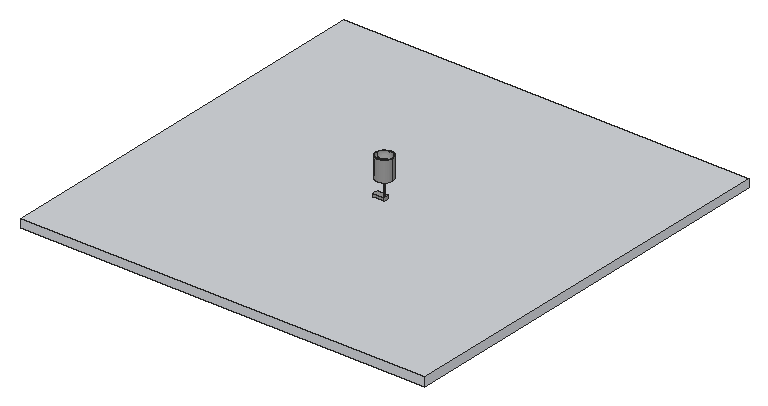
Revit family "LAMP_KOMBIC 100 SURFACE SUSPENDED TRACK 2000 CRI80 OPTIC", category Luminarias, Revit 2018
Family settings
  Anfitrión = Cara
  Cota de conector redondo = Diámetro de uso
  Tipo de pieza = Normal
  Corte con vacíos al cargar = No
  Origen de luz = Sí
  Compartido = No
  Punto de cálculo de habitación = No
Parameters (values of type "1205LM 3000K  B/B")
  Ángulo de inclinación = -90.00°
  Weight = 0.498 kg
  UGR = "17"
  Type = "COB PHILIPS"
  Protection rating = "IP40"
  Product datasheet = "http://www.lamp.es/product-files/TECH/K11ST2040WF830NBB-EN.pdf"
  Product code = "K11ST2040WF830NBB"
  Product URL = "https://www.lamp.es/en/family/kombic-surface_474354"
  Power Supply = "220-240V 50/60Hz"
  Power = 12 W
  Plum = 14.5 W
  Modelo = Product code  # "K11ST2040WF830NBB"
  Model explanation = "Possibility to modify the lenght of the suspension cable up to 1m"
  Material reflector = LAMP_PC Reflector Kombic Metalizado Negro
  Material floron = LAMP_Plástico genérico NG
  Material difusor = LAMP_PMMA Difusor Kombic
  Material cuerpo = LAMP_Plástico genérico NG
  Material cable suspension = LAMP_Acero genérico
  Manufacturer name = "LAMP"
  Manufacturer country = "Spain"
  Manufacturer URL = "http://www.lamp.es/en"
  MacAdam = "3"
  Luminaire type = "Track Suspended"
  Last update = "03/08/2021"
  Lamp = "COB LED"
  LED Lifetime = "50.000 L80 B10"
  Insulation class = "I"
  Installation instructions = "https://www.lamp.es/product-files/packed/by-family/474354_INS_all.zip"
  IEE = "A+"
  Wattage = 14.5 W
  built-in parameter 1150107 = 3000 (stored number, unit not read)
  built-in parameter 1150110 = 1 (stored number, unit not read)
  built-in parameter 1150109 = 1 (stored number, unit not read)
  built-in parameter 1150112 = 1 (stored number, unit not read)
  built-in parameter 1150113 = 1 (stored number, unit not read)
  built-in parameter 1114218 = 1 (stored number, unit not read)
  built-in parameter 1150137 = (empty or 0)
  built-in parameter 1150132 = 2
  built-in parameter 1150105 = 1078.2 (stored number, unit not read)
  built-in parameter 1150102 = (empty or 0)
  built-in parameter 1150106 = 10.782 (stored number, unit not read)
  Height suspension [instance] = 100 mm
  Height distance [instance] = if(Height suspension > 1 mm, if(Height suspension < 1000 mm, Height suspension, 1000 mm), 1 mm)  # 100 mm
  Height = 120 mm
  Gear = "Electronic"
  Lumens = 1204.95 lm
  Finish = "Matte black RAL 9011"
  Color Filter = 16777215
  built-in parameter 1114217 = 1 (stored number, unit not read)
  built-in parameter 1150139 = (empty or 0)
  Fabricante = Manufacturer name  # "LAMP"
  Default Elevation = 1219.2 mm
  built-in parameter 1150104 = 7.7202 (stored number, unit not read)
  Efficacy = 83.1 lm/W
  Diameter = 100 mm
  built-in parameter 1150115 = 1 (stored number, unit not read)
  built-in parameter 1150114 = 1 (stored number, unit not read)
  built-in parameter 1150138 = (empty or 0)
  built-in parameter 1150134 = (empty or 0)
  Dimming Lamp Color Temperature Shift = (empty or 0)
  CRI = "80"
  Archivo de red fotométrica = "K11RD2040WF830NBW.IES"
  built-in parameter 1150133 = 10 (stored number, unit not read)
Types (12, lengths in mm): name | UGR | Product datasheet | Product code | Modelo | Material reflector | Material cuerpo | built-in parameter 1150107 | built-in parameter 1150105 | built-in parameter 1150106 | Lumens | Finish | built-in parameter 1150104 | Efficacy | built-in parameter 1150134 | Archivo de red fotométrica
  1205LM 3000K  B/B | "17" | "http://www.lamp.es/product-files/TECH/K11ST2040WF830NBB-EN.pdf" | "K11ST2040WF830NBB" | "K11ST2040WF830NBB" | LAMP_PC Reflector Kombic Metalizado Negro | LAMP_Plástico genérico NG | 3000 (stored number, unit not read) | 1078.2 (stored number, unit not read) | 10.782 (stored number, unit not read) | 1204.95 lm | "Matte black RAL 9011" | 7.7202 (stored number, unit not read) | 83.1 lm/W | (empty or 0) | "K11RD2040WF830NBW.IES"
  1205LM 3000K  B/W | "17" | "http://www.lamp.es/product-files/TECH/K11ST2040WF830NBW-EN.pdf" | "K11ST2040WF830NBW" | "K11ST2040WF830NBW" | LAMP_PC Reflector Kombic Metalizado Negro | LAMP_Plástico genérico BL | 3000 (stored number, unit not read) | 1078.2 (stored number, unit not read) | 10.782 (stored number, unit not read) | 1204.95 lm | "Matte Traffic white RAL 9016" | 7.7202 (stored number, unit not read) | 83.1 lm/W | (empty or 0) | "K11RD2040WF830NBW.IES"
  1268LM 3000K  M/B | "17" | "http://www.lamp.es/product-files/TECH/K11ST2040WF830NMB-EN.pdf" | "K11ST2040WF830NMB" | "K11ST2040WF830NMB" | LAMP_PC Reflector Kombic Metalizado Mate | LAMP_Plástico genérico NG | 3000 (stored number, unit not read) | 1134 (stored number, unit not read) | 11.34 (stored number, unit not read) | 1267.3 lm | "Matte black RAL 9011" | 8.1197 (stored number, unit not read) | 87.4 lm/W | (empty or 0) | "K11RD2040WF830NMW.IES"
  1268LM 3000K  M/W | "17" | "http://www.lamp.es/product-files/TECH/K11ST2040WF830NMW-EN.pdf" | "K11ST2040WF830NMW" | "K11ST2040WF830NMW" | LAMP_PC Reflector Kombic Metalizado Mate | LAMP_Plástico genérico BL | 3000 (stored number, unit not read) | 1134 (stored number, unit not read) | 11.34 (stored number, unit not read) | 1267.3 lm | "Matte Traffic white RAL 9016" | 8.1197 (stored number, unit not read) | 87.4 lm/W | (empty or 0) | "K11RD2040WF830NMW.IES"
  1275LM 3000K  W/B | "19" | "http://www.lamp.es/product-files/TECH/K11ST2040WF830NWB-EN.pdf" | "K11ST2040WF830NWB" | "K11ST2040WF830NWB" | LAMP_PC Reflector Kombic Blanco | LAMP_Plástico genérico NG | 3000 (stored number, unit not read) | 1140.5 (stored number, unit not read) | 11.405 (stored number, unit not read) | 1274.55 lm | "Matte black RAL 9011" | 8.1662 (stored number, unit not read) | 87.9 lm/W | (empty or 0) | "K11RD2040WF830NWW.IES"
  1275LM 3000K  W/W | "19" | "http://www.lamp.es/product-files/TECH/K11ST2040WF830NWW-EN.pdf" | "K11ST2040WF830NWW" | "K11ST2040WF830NWW" | LAMP_PC Reflector Kombic Blanco | LAMP_Plástico genérico BL | 3000 (stored number, unit not read) | 1140.5 (stored number, unit not read) | 11.405 (stored number, unit not read) | 1274.55 lm | "Matte Traffic white RAL 9016" | 8.1662 (stored number, unit not read) | 87.9 lm/W | (empty or 0) | "K11RD2040WF830NWW.IES"
  1277LM 4000K  B/B | "17" | "http://www.lamp.es/product-files/TECH/K11ST2040WF840NBB-EN.pdf" | "K11ST2040WF840NBB" | "K11ST2040WF840NBB" | LAMP_PC Reflector Kombic Metalizado Negro | LAMP_Plástico genérico NG | 4000 (stored number, unit not read) | 1143.1 (stored number, unit not read) | 11.431 (stored number, unit not read) | 1277.45 lm | "Matte black RAL 9011" | 8.1848 (stored number, unit not read) | 88.1 lm/W | 12 | "K11RD2040WF840NBW.IES"
  1277LM 4000K  B/W | "17" | "http://www.lamp.es/product-files/TECH/K11ST2040WF840NBW-EN.pdf" | "K11ST2040WF840NBW" | "K11ST2040WF840NBW" | LAMP_PC Reflector Kombic Metalizado Negro | LAMP_Plástico genérico BL | 4000 (stored number, unit not read) | 1143.1 (stored number, unit not read) | 11.431 (stored number, unit not read) | 1277.45 lm | "Matte Traffic white RAL 9016" | 8.1848 (stored number, unit not read) | 88.1 lm/W | 12 | "K11RD2040WF840NBW.IES"
  1343LM 4000K  W/B | "19" | "http://www.lamp.es/product-files/TECH/K11ST2040WF840NWB-EN.pdf" | "K11ST2040WF840NWB" | "K11ST2040WF840NWB" | LAMP_PC Reflector Kombic Metalizado Mate | LAMP_Plástico genérico NG | 4000 (stored number, unit not read) | 1201.5 (stored number, unit not read) | 12.015 (stored number, unit not read) | 1342.7 lm | "Matte black RAL 9011" | 8.6028 (stored number, unit not read) | 92.6 lm/W | 12 | "K11RD2040WF840NWW.IES"
  1343LM 4000K  W/W | "19" | "http://www.lamp.es/product-files/TECH/K11ST2040WF840NWW-EN.pdf" | "K11ST2040WF840NWW" | "K11ST2040WF840NWW" | LAMP_PC Reflector Kombic Metalizado Mate | LAMP_Plástico genérico BL | 4000 (stored number, unit not read) | 1201.5 (stored number, unit not read) | 12.015 (stored number, unit not read) | 1342.7 lm | "Matte Traffic white RAL 9016" | 8.6028 (stored number, unit not read) | 92.6 lm/W | 12 | "K11RD2040WF840NWW.IES"
  1351LM 4000K  M/B | "17" | "http://www.lamp.es/product-files/TECH/K11ST2040WF840NMB-EN.pdf" | "K11ST2040WF840NMB" | "K11ST2040WF840NMB" | LAMP_PC Reflector Kombic Blanco | LAMP_Plástico genérico NG | 4000 (stored number, unit not read) | 1209.3 (stored number, unit not read) | 12.093 (stored number, unit not read) | 1351.4 lm | "Matte black RAL 9011" | 8.6586 (stored number, unit not read) | 93.2 lm/W | 12 | "K11RD2040WF840NMW.IES"
  1351LM 4000K  M/W | "17" | "http://www.lamp.es/product-files/TECH/K11ST2040WF840NMW-EN.pdf" | "K11ST2040WF840NMW" | "K11ST2040WF840NMW" | LAMP_PC Reflector Kombic Blanco | LAMP_Plástico genérico BL | 4000 (stored number, unit not read) | 1209.3 (stored number, unit not read) | 12.093 (stored number, unit not read) | 1351.4 lm | "Matte Traffic white RAL 9016" | 8.6586 (stored number, unit not read) | 93.2 lm/W | 12 | "K11RD2040WF840NMW.IES"
Reference planes
  plane 1 "Centro (Frontal/Posterior)": y = 0
  plane 2: z = 0
  plane 3 "Centro (Izquierda/Derecha)": x = 0
Forms (mm)
  Extrusion 1, solid
    sketch origin (0, 0, 0) x (1, 0, 0) y (0, 1, 0)
      loop
        line (-1219.2, 1219.2) -> (-1219.2, -1219.2) -> (1219.2, -1219.2) -> (1219.2, 1219.2) -> (-1219.2, 1219.2)
    from 0 to -50
  Extrusion 2, solid, material "LAMP_Plástico genérico NG" <- "Material cuerpo"
    sketch origin (0, 0, 0) x (1, 0, 0) y (0, 1, 0)
      loop
        circle (0, 0) r 50
    from 114 to 234
  Extrusion 3, void
    sketch origin (0, 0, 0) x (1, 0, 0) y (0, 1, 0)
      loop
        circle (0, 0) r 48
    from 130.273 to 234
  Sweep 4, solid, material "LAMP_PC Reflector Kombic Metalizado Negro" <- "Material reflector"
    path origin (105.103, -251.845, 234) x (1, 0, 0) y (0, 1, 0)
      loop
        circle (-105.103, 251.959) r 48
    profile origin (0, 48.114, 234) x (0, -1, 0) y (0, 0, 1)
      loop
        arc (0, 0) -> (6.616, -20.646) -> (24, -33.6) r 35.52
        line (24, -33.6) -> (24, -32.6)
        arc (24, -32.6) -> (7.196, -20.217) -> (2, 0) r 31.112
        line (2, 0) -> (0, 0)
  Extrusion 5, solid, material "LAMP_PMMA Difusor Kombic" <- "Material difusor"
    sketch origin (0, 0, 0) x (1, 0, 0) y (0, 1, 0)
      loop
        circle (0, 0) r 24
    from 200.4 to 201.4
  Extrusion 6, solid, material "LAMP_Plástico genérico NG" <- "Material cuerpo"
    sketch origin (0, 0, 0) x (1, 0, 0) y (0, 1, 0)
      loop
        arc (-54.442, 16) -> (-58.313, 0) -> (-54.442, -16) r 35
        line (-54.442, -16) -> (7.815, -16)
        arc (7.815, -16) -> (11.687, 0) -> (7.815, 16) r 35
        line (7.815, 16) -> (-54.442, 16)
    from -26 to 14
  Extrusion 7, void
    sketch origin (0, 0, 0) x (0, 1, 0) y (0, 0, 1)
      loop
        line (17, 0) -> (7, 0) -> (7, -25) -> (-7, -25) -> (-7, 0) -> (-17, 0) -> (-17, -26) -> (17, -26) -> (17, 0)
    from -59.309 to 12.887
  Extrusion 8, solid
    sketch origin (0, 0, 0) x (1, 0, 0) y (0, 1, 0)
      loop
        circle (0, 0) r 1
    from 14 to 114
Cuts and joins
  Extrusion 3 cuts Extrusion 2
  Extrusion 7 cuts Extrusion 6
Text (mm)
  text "Any modification of the parameters and properties of the LAMP BIM models must be executed and validated by the LAMP technical department.\nPhone: +34 93 736 68 00\nE-mail: lamp@lamp.es\n\nLAMP reserves the right to modify the technical specifications of its products." at (1856.491, -4316.333, -2622.127), in view "Preview"
Dimensions and locks
  locked: Extrusion 2 to Extrusion 2 at 120
  locked: cut or joined group of Extrusion 2, Extrusion 3 to cut or joined group of Extrusion 2, Extrusion 3 at 103.727
  "Height distance": cut or joined group of Extrusion 2, Extrusion 3 to cut or joined group of Extrusion 6, Extrusion 7
  locked: cut or joined group of Extrusion 6, Extrusion 7 to Extrusion 1 at 14
  aligned and locked: plane 2 to Extrusion 1
  aligned and locked: level to Extrusion 1
  aligned and locked: Extrusion 2 to Extrusion 3
  aligned and locked: Sweep 4 to Extrusion 5
  aligned and locked: Extrusion 5 to Sweep 4
  aligned and locked: imposter light to cut or joined group of Extrusion 2, Extrusion 3
  aligned and locked: Extrusion 8 to cut or joined group of Extrusion 6, Extrusion 7
  aligned and locked: cut or joined group of Extrusion 2, Extrusion 3 to Extrusion 8
Automatic sketch dimensions
  Extrusion 1 sketch curve to Extrusion 1 sketch curve = 2438.4 mm  (x2)
  plane 1 "Centro (Frontal/Posterior)" to Extrusion 2 sketch curve = 0 mm
  Extrusion 2 sketch curve to plane 3 "Centro (Izquierda/Derecha)" = 0 mm
  plane 1 "Centro (Frontal/Posterior)" to Extrusion 3 sketch curve = 0 mm
  Extrusion 3 sketch curve to plane 3 "Centro (Izquierda/Derecha)" = 0 mm
  Sweep 4 sketch curve to profile plane = 0 mm  (x2)
  Sweep 4 sketch curve to Sweep 4 sketch curve = 2 mm
  Sweep 4 sketch curve to profile plane = 24 mm
  Sweep 4 sketch curve to profile plane = 2.814 mm
  Sweep 4 sketch curve to Sweep 4 sketch curve = 8.984 mm
  Sweep 4 sketch curve to Sweep 4 sketch curve = 2.536 mm
  plane 1 "Centro (Frontal/Posterior)" to Extrusion 5 sketch curve = 0 mm
  Extrusion 5 sketch curve to plane 3 "Centro (Izquierda/Derecha)" = 0 mm
  Extrusion 6 sketch curve to Extrusion 6 sketch curve = 0 mm  (x2)
  plane 1 "Centro (Frontal/Posterior)" to Extrusion 6 sketch curve = 0 mm
  Extrusion 6 sketch curve to plane 1 "Centro (Frontal/Posterior)" = 16 mm
  Extrusion 6 sketch curve to plane 3 "Centro (Izquierda/Derecha)" = 54.442 mm
  plane 1 "Centro (Frontal/Posterior)" to Extrusion 6 sketch curve = 16 mm
  Extrusion 6 sketch curve to plane 3 "Centro (Izquierda/Derecha)" = 23.313 mm
  plane 3 "Centro (Izquierda/Derecha)" to Extrusion 6 sketch curve = 7.815 mm
  Extrusion 7 sketch curve to level = 0 mm  (x2)
  plane 1 "Centro (Frontal/Posterior)" to Extrusion 7 sketch curve = 17 mm
  plane 1 "Centro (Frontal/Posterior)" to Extrusion 7 sketch curve = 7 mm
  Extrusion 7 sketch curve to plane 1 "Centro (Frontal/Posterior)" = 7 mm
  Extrusion 7 sketch curve to Extrusion 7 sketch curve = 10 mm
  Extrusion 7 sketch curve to Extrusion 7 sketch curve = 25 mm
  Extrusion 7 sketch curve to Extrusion 7 sketch curve = 1 mm
  plane 1 "Centro (Frontal/Posterior)" to Extrusion 8 sketch curve = 0 mm
  Extrusion 8 sketch curve to plane 3 "Centro (Izquierda/Derecha)" = 0 mm
  radius of Extrusion 2 sketch curve = 50 mm
  radius of Extrusion 3 sketch curve = 48 mm
  radius of Sweep 4 sketch curve = 48 mm
  radius of Extrusion 5 sketch curve = 24 mm
  radius of Extrusion 8 sketch curve = 1 mm
Connectors
  electrical at (0, 0, 114)
    settings: on cut or joined group of Extrusion 2, Extrusion 3, index 1, voltage 230 V, apparent load 0 VA, apparent load phase1 0 VA, apparent load phase2 0 VA, apparent load phase3 0 VA, power factor 1, load classification "Otro", number of poles 1, system type 31, power factor state 1, is connector primary yes, connector utility no, sub classification motor no, connector description ""
